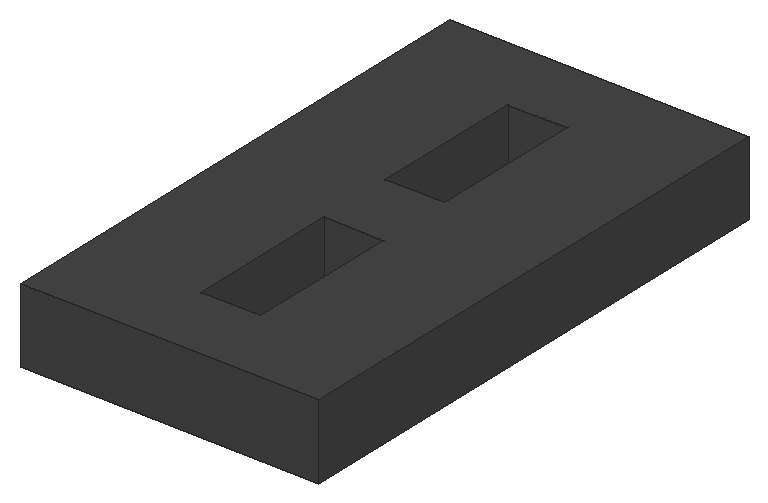
Revit family "Семейство8", category Обобщенные модели, Revit 2022
Family settings
  Может служить основой для арматурных стержней = Нет
  Размер круглого соединителя = Использовать диаметр
  Тип детали = Нормальный
  На основе рабочей плоскости = Нет
  Всегда вертикально = Да
  При загрузке вырезать с полостями = Нет
  Сохранять ориентацию аннотаций = Нет
  Общий = Нет
  Точка принадлежности помещению = Нет
Parameters
  Отметка по умолчанию = 0 mm
Reference planes
  plane 1 "По центру (Вперед/Назад)": y = 0
  plane 2: z = 0
  plane 3 "По центру (Влево/Вправо)": x = 0
Forms (mm)
  Extrusion 1, solid, material "Новый материал 6"
    sketch origin (270, -55.402, 0) x (1, 0, 0) y (0, 1, 0)
      loop
        line (-169.725, -845.893) -> (230, -845.893) -> (230, 955.402) -> (-169.725, 955.402) -> (-169.725, -845.893)
    from 0 to 250
  Extrusion 2, solid, material "Новый материал 6"
    sketch origin (-460, -244.8, 0) x (1, 0, 0) y (0, 1, 0)
      loop
        line (-40, 888.305) -> (960, 888.305) -> (960, 1144.8) -> (-40, 1144.8) -> (-40, 888.305)
    from 0 to 250
  Extrusion 3, solid, material "Новый материал 6"
    sketch origin (-464.8, -1037.6, 0) x (1, 0, 0) y (0, 1, 0)
      loop
        line (-35.2, 136.305) -> (964.8, 136.305) -> (964.8, 392.6) -> (-35.2, 392.6) -> (-35.2, 136.305)
    from 0 to 250
  Extrusion 4, solid, material "Новый материал 6"
    sketch origin (-329.8, -820.202, 0) x (1, 0, 0) y (0, 1, 0)
      loop
        line (-170.2, -81.093) -> (229.8, -81.093) -> (229.8, 1720.202) -> (-170.2, 1720.202) -> (-170.2, -81.093)
    from 0 to 250
  Extrusion 5, solid, material "Новый материал 6"
    sketch origin (-469.6, -264.6, 0) x (1, 0, 0) y (0, 1, 0)
      loop
        line (-30.4, 136.305) -> (969.6, 136.305) -> (969.6, 392.6) -> (-30.4, 392.6) -> (-30.4, 136.305)
    from 0 to 250
Cuts and joins
  joined: Extrusion 1, Extrusion 2, Extrusion 3, Extrusion 4, Extrusion 5
Dimensions and locks
  plane 3 "По центру (Влево/Вправо)" to Extrusion 1 to Extrusion 1 = 100.275 mm, 399.725 mm
  Extrusion 1 to plane 1 "По центру (Вперед/Назад)" to Extrusion 1 = 900 mm, 901.295 mm
  Extrusion 2 to Extrusion 2 = 1000 mm
  Extrusion 2 to Extrusion 2 = 256.495 mm
  cut or joined group of Extrusion 1, Extrusion 2, Extrusion 3, Extrusion 4, Extrusion 5 to cut or joined group of Extrusion 1, Extrusion 2, Extrusion 3, Extrusion 4, Extrusion 5 = 250 mm
  cut or joined group of Extrusion 1, Extrusion 2, Extrusion 3, Extrusion 4, Extrusion 5 to plane 3 "По центру (Влево/Вправо)" to cut or joined group of Extrusion 1, Extrusion 2, Extrusion 3, Extrusion 4, Extrusion 5 = 500 mm, 500 mm
  cut or joined group of Extrusion 1, Extrusion 2, Extrusion 3, Extrusion 4, Extrusion 5 to cut or joined group of Extrusion 1, Extrusion 2, Extrusion 3, Extrusion 4, Extrusion 5 = 256.495 mm
  equal spacing: cut or joined group of Extrusion 1, Extrusion 2, Extrusion 3, Extrusion 4, Extrusion 5, plane 3 "По центру (Влево/Вправо)", cut or joined group of Extrusion 1, Extrusion 2, Extrusion 3, Extrusion 4, Extrusion 5
  aligned and locked: level to plane 2
Automatic sketch dimensions
  plane 3 "По центру (Влево/Вправо)" to Extrusion 1 sketch curve = 100.275 mm
  Extrusion 1 sketch curve to Extrusion 1 sketch curve = 399.725 mm
  plane 1 "По центру (Вперед/Назад)" to Extrusion 1 sketch curve = 901.295 mm
  Extrusion 1 sketch curve to Extrusion 1 sketch curve = 1801.295 mm
  Extrusion 2 sketch curve to plane 3 "По центру (Влево/Вправо)" = 500 mm
  plane 3 "По центру (Влево/Вправо)" to Extrusion 2 sketch curve = 500 mm
  Extrusion 2 sketch curve to plane 1 "По центру (Вперед/Назад)" = 643.505 mm
  Extrusion 2 sketch curve to Extrusion 2 sketch curve = 256.495 mm
  plane 1 "По центру (Вперед/Назад)" to Extrusion 3 sketch curve = 645 mm
  Extrusion 3 sketch curve to plane 3 "По центру (Влево/Вправо)" = 500 mm
  plane 3 "По центру (Влево/Вправо)" to Extrusion 3 sketch curve = 500 mm
  plane 1 "По центру (Вперед/Назад)" to Extrusion 3 sketch curve = 901.295 mm
  Extrusion 4 sketch curve to plane 3 "По центру (Влево/Вправо)" = 500 mm
  Extrusion 4 sketch curve to plane 3 "По центру (Влево/Вправо)" = 100 mm
  plane 1 "По центру (Вперед/Назад)" to Extrusion 4 sketch curve = 901.295 mm
  Extrusion 4 sketch curve to plane 1 "По центру (Вперед/Назад)" = 900 mm
  plane 1 "По центру (Вперед/Назад)" to Extrusion 5 sketch curve = 128.295 mm
  Extrusion 5 sketch curve to plane 3 "По центру (Влево/Вправо)" = 500 mm
  Extrusion 5 sketch curve to plane 1 "По центру (Вперед/Назад)" = 128 mm
  plane 3 "По центру (Влево/Вправо)" to Extrusion 5 sketch curve = 500 mm
